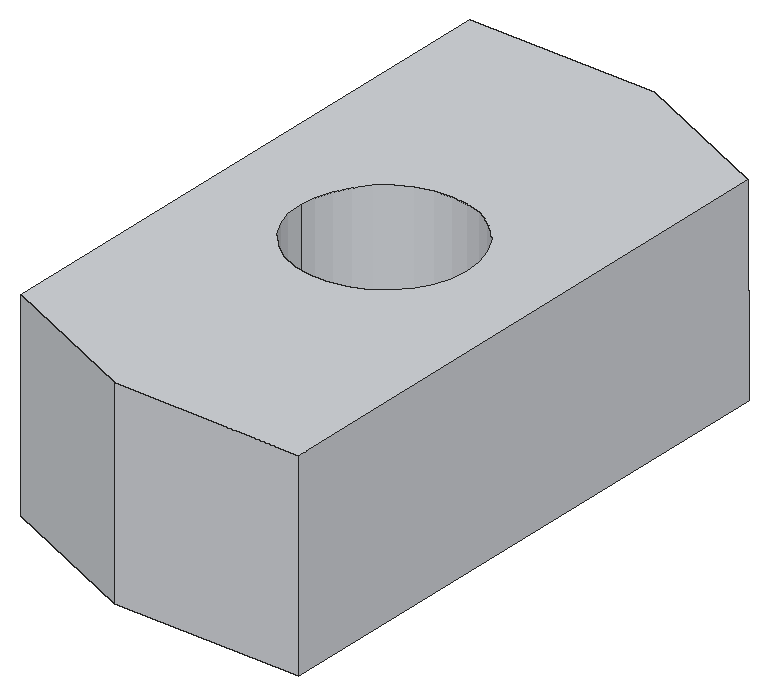
Revit family "Zahnplatte S Zink-Nickel", category HLS-Bauteile, Revit 2017
Family settings
  Bemaßung runder Anschluss = Durchmesser verwenden
  Teiletyp = Normal
  Arbeitsebenenbasiert = Ja
  Immer vertikal = Nein
  Beim Laden mit Abzugskörper schneiden = Nein
  Gemeinsam genutzt = Ja
  Raumberechnungspunkt = Nein
Parameters (values of type "Zahnplatte S M12 zn")
  vpe = "100 St"
  d2 = 5.1 mm
  Default Elevation = 1219.2 mm
  Stärke Material = 8 mm
  Schienenbreite = "45 mm"
  S = 12 mm
  Regelhalter [instance] = ""
  Profiltyp = "45"
  Profil = "C-Profil"
  Plattentyp = ""
  Oberflaeche = "Zink-Nickel"
  Mengeneinheit = "St"
  Material = "Stahl"
  Länge = 36 mm
  Kurztext2 = "M12 36 x 20 mm ZnNi"
  Kurztext1 = "Zahnplatte S"
  Gewinde = "M12"
  Gewicht pro Bauteil = Gewicht  # 0.0554 kg
  Gewicht = 0.0554 kg
  Form = "einschwenkbar"
  Firma = "MEFA Befestigungs- und Montagesysteme GmbH"
  Fabrikat = "MEFA"
  EAN = "4250928420602"
  Deckentyp = ""
  Breite = 20 mm
  B = 38 mm
  Artikelnummer = "0818103/zn"
  Anzugsmoment = 0 N·m
  Abmessung = "36 x 20 x 8 mm"
Types (3, lengths in mm): name | d2 | Kurztext2 | Gewinde | Gewicht pro Bauteil | Gewicht | EAN | Artikelnummer
  (no name) | 5.1 | "M12 36 x 20 mm ZnNi" | "M12" | 0.0554 kg | 0.0554 kg | "4250928420602" | "0818103/zn"
  Zahnplatte S M10 zn | 4.2 | "M10 36 x 20 mm ZnNi" | "M10" | 0.0578 kg | 0.0578 kg | "4250928420589" | "0818102/zn"
  Zahnplatte S M12 zn | 5.1 | "M12 36 x 20 mm ZnNi" | "M12" | 0.0554 kg | 0.0554 kg | "4250928420602" | "0818103/zn"
Reference planes
  plane 1 "Mitte (Vorne/hinten)": y = 0
  plane 2: z = 0
  plane 3 "Mitte (Links/rechts)": x = 0
  plane 4: z = 12
Forms (mm)
  Extrusion 1, solid
    sketch origin (-17.5, 0, 0) x (1, 0, 0) y (0, 1, 0)
      loop
        line (18.7, 19) -> (7.5, 19) -> (7.5, 0) -> (7.5, -15.155) -> (16.3, -19) -> (27.5, -19) -> (27.5, 15.155) -> (18.7, 19)
    from 0 to 12
  Extrusion 2, void
    sketch origin (0, 0, 0) x (1, 0, 0) y (0, 1, 0)
      loop
        circle (0, 0) r 5.1
    from 0 to 250
Cuts and joins
  Extrusion 2 cuts Extrusion 1
Dimensions and locks
  "B": Extrusion 1 sketch curve to Extrusion 1 sketch curve
  equal spacing: cut or joined group of Extrusion 1, Extrusion 2, plane 1 "Mitte (Vorne/hinten)", cut or joined group of Extrusion 1, Extrusion 2
  plane 4 to cut or joined group of Extrusion 1, Extrusion 2 = 12 mm
  "S": level to plane 4
  "d2": radius of Extrusion 2 sketch curve
  aligned and locked: level to plane 2
  aligned and locked: cut or joined group of Extrusion 1, Extrusion 2 to level
  aligned and locked: plane 4 to cut or joined group of Extrusion 1, Extrusion 2
Automatic sketch dimensions
  plane 1 "Mitte (Vorne/hinten)" to Extrusion 1 sketch curve = 0 mm
  Extrusion 1 sketch curve to plane 3 "Mitte (Links/rechts)" = 10 mm
  Extrusion 1 sketch curve to plane 3 "Mitte (Links/rechts)" = 1.2 mm
  plane 3 "Mitte (Links/rechts)" to Extrusion 1 sketch curve = 1.2 mm
  Extrusion 1 sketch curve to Extrusion 1 sketch curve = 8.8 mm
  Extrusion 1 sketch curve to Extrusion 1 sketch curve = 15.155 mm
  plane 1 "Mitte (Vorne/hinten)" to Extrusion 1 sketch curve = 19 mm
  Extrusion 1 sketch curve to Extrusion 1 sketch curve = 3.845 mm
  plane 1 "Mitte (Vorne/hinten)" to Extrusion 2 sketch curve = 0 mm
  Extrusion 2 sketch curve to plane 3 "Mitte (Links/rechts)" = 0 mm
